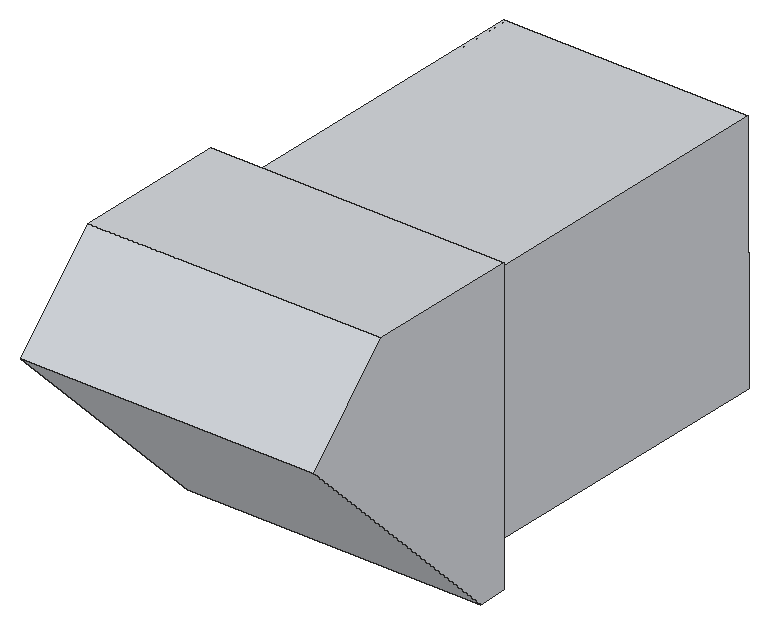
Revit family "XMP", category Mechanical Equipment, Revit 2019
Family settings
  Round Connector Dimension = Use Diameter
  Part Type = Normal
  Work Plane-Based = No
  Always vertical = Yes
  Cut with Voids When Loaded = No
  Shared = No
  Room Calculation Point = No
Parameters (values of type "20_XMP")
  WO_PAC/2 = WO_PAC / 2  # 1' - 0 5/8"
  WO_PAC = B_PAC + 0' 0 1/4"  # 2' - 1 1/4"
  WH_C = WH_B + 0' 3"  # 2' - 9"
  WH_B/2 = WH_B / 2  # 1' - 3"
  WH_B = 2' - 6"
  WH_A = 2' - 0 3/8"
  WEATHER_HOOD [instance] = yes
  Unit Weight [instance] = ""
  Sones [instance] = ""
  SIZE/2 = SIZE / 2  # 0' - 11 15/16"
  SIZE = D - 0' 0 1/8"  # 1' - 11 7/8"
  Motor RPM [instance] = ""
  Motor Enclosure [instance] = ""
  ModelID [instance] = ""
  MOTOR = D / 8  # 0' - 3"
  LwA [instance] = ""
  Fan RPM [instance] = ""
  D_PAC/2 = D_PAC / 2 - 0' 4"  # 1' - 1 3/16"
  D_PAC = 2' - 10 3/8"
  D/2 = D / 2  # 1' - 0"
  D = 2' - 0"
  E/2 = E / 2  # 0' - 1"
  E = 0' - 2"
  C_PAC/2 = C_PAC / 2  # 0' - 11"
  C_PAC = 1' - 10"
  C/2 = C / 2  # 0' - 2 5/8"
  C = 0' - 5 1/4"
  B_PAC/2 = B_PAC / 2  # 1' - 0 1/2"
  B_PAC = 2' - 1"
  B/4 = B / 4  # 0' - 4 49/64"
  B/2 = B / 2  # 0' - 9 17/32"
  B-2.5" = B - 0' 2 1/2"  # 1' - 4 9/16"
  B = 1' - 7 1/16"
  Accessories [instance] = ""
  A_PAC/2 = A_PAC / 2  # 1' - 1 3/4"
  A_PAC = 2' - 3 1/2"
  A/7 = A / 7  # 0' - 3.45536"
  A/3.5 = A / 3.5  # 0' - 6.91071"
  A/2 = A / 2  # 1' - 0 3/32"
  A = 2' - 0 3/16"
  90 = 90.00°  # constant formula
  9" = 0' - 9"  # constant formula
  45 = 45.00°
  4'6" = 4' - 6"  # constant formula
  3" = 0' - 3"  # constant formula
  Brake Hp [instance] = ""
  4" = 0' - 4"  # constant formula
  2E = E + E  # 0' - 4"
  2' = 2' - 0"
  2" = 0' - 2"  # constant formula
  135 = 135.00°  # constant formula
  1" = 0' - 1"  # constant formula
  0 = 0' - 0"  # constant formula
  Voltage [instance] = 0 V
  URL = "www.lorencook.com"
  Type Comments = "Medium Pressure Wall-Pac Exhaust Fan Steel Propeller Belt Drive"  # constant formula
  Static Pressure [instance] = 0.00 in-wg
  Power [instance] = Voltage * Motor FLA * sqrt(if(Phase = 3, 3, 1))  # 0 VA
  Phase [instance] = 0
  Number of Poles [instance] = 1
  Motor Hp [instance] = "0"
  Motor FLA [instance] = 0 A
  Model = "XMP"  # constant formula
  Manufacturer = "Loren Cook Company"
  CFM [instance] = 0 CFM
  1.5 = 0' - 1 1/2"  # constant formula
  1/2 = 0' - 0 1/2"  # constant formula
  ONE EIGTH = 0' - 0 1/8"  # constant formula
  -WH_B/2 = -WH_B / 2  # -1' - 3"
  -D_PAC/2 = -D_PAC / 2 - 0' 4"  # -1' - 9 3/16"
  -D = -E  # -0' - 2"
  -C/2 = -C / 2  # -0' - 2 5/8"
  -B+1" = -B + 0' 2"  # -1' - 5 1/16"
  -B = -B  # -1' - 7 1/16"
  -((SIZE/2)-.25") = -((SIZE / 2) - 0' 0 1/4")  # -0' - 11 11/16"
  -((A/2)-C-.5") = -((A / 2) - C - 0' 0 1/2")  # -0' - 6 11/32"
  (SIZE/2)-.25" = (SIZE / 2) - 0' 0 1/4"  # 0' - 11 11/16"
  (D_SUP/2)-(C/2)-.125" = (D / 2) - (C / 2) - 0' 0 1/8"  # 0' - 9 1/4"
  (A/2)-C-.5" = (A / 2) - C - 0' 0 1/2"  # 0' - 6 11/32"
  (A/2)-1" = (A / 2) - 0' 0 1/4"  # 0' - 11 27/32"
Types (9): name | WO_PAC/2 | WO_PAC | WH_C | WH_B/2 | WH_B | WH_A | SIZE/2 | SIZE | MOTOR | D_PAC/2 | D_PAC | D/2 | D | E/2 | E | C_PAC/2 | C_PAC | C/2 | C | B_PAC/2 | B_PAC | B/4 | B/2 | B-2.5" | B | A_PAC/2 | A_PAC | A/7 | A/3.5 | A/2 | A | 2E | -WH_B/2 | -D_PAC/2 | -D | -C/2 | -B+1" | -B | -((SIZE/2)-.25") | -((A/2)-C-.5") | (SIZE/2)-.25" | (D_SUP/2)-(C/2)-.125" | (A/2)-C-.5" | (A/2)-1"
  (no name) | 1' - 0 5/8" | 2' - 1 1/4" | 2' - 9" | 1' - 3" | 2' - 6" | 2' - 0 3/8" | 0' - 11 15/16" | 1' - 11 7/8" | 0' - 3" | 1' - 1 3/16" | 2' - 10 3/8" | 1' - 0" | 2' - 0" | 0' - 1" | 0' - 2" | 0' - 11" | 1' - 10" | 0' - 2 5/8" | 0' - 5 1/4" | 1' - 0 1/2" | 2' - 1" | 0' - 4 49/64" | 0' - 9 17/32" | 1' - 4 9/16" | 1' - 7 1/16" | 1' - 1 3/4" | 2' - 3 1/2" | 0' - 3.45536" | 0' - 6.91071" | 1' - 0 3/32" | 2' - 0 3/16" | 0' - 4" | -1' - 3" | -1' - 9 3/16" | -0' - 2" | -0' - 2 5/8" | -1' - 5 1/16" | -1' - 7 1/16" | -0' - 11 11/16" | -0' - 6 11/32" | 0' - 11 11/16" | 0' - 9 1/4" | 0' - 6 11/32" | 0' - 11 27/32"
  24_XMP | 1' - 3 5/8" | 2' - 7 1/4" | 3' - 1" | 1' - 5" | 2' - 10" | 2' - 3 1/8" | 1' - 2 15/16" | 2' - 5 7/8" | 0' - 3 3/4" | 1' - 1 3/16" | 2' - 10 3/8" | 1' - 3" | 2' - 6" | 0' - 1 1/2" | 0' - 3" | 1' - 1 3/4" | 2' - 3 1/2" | 0' - 3 3/8" | 0' - 6 3/4" | 1' - 3 1/2" | 2' - 7" | 0' - 4 49/64" | 0' - 9 17/32" | 1' - 4 9/16" | 1' - 7 1/16" | 1' - 4 3/4" | 2' - 9 1/2" | 0' - 4 5/16" | 0' - 8 5/8" | 1' - 3 3/32" | 2' - 6 3/16" | 0' - 6" | -1' - 5" | -1' - 9 3/16" | -0' - 3" | -0' - 3 3/8" | -1' - 5 1/16" | -1' - 7 1/16" | -1' - 2 11/16" | -0' - 7 27/32" | 1' - 2 11/16" | 0' - 11 1/2" | 0' - 7 27/32" | 1' - 2 27/32"
  30_XMP | 1' - 6 5/8" | 3' - 1 1/4" | 3' - 7" | 1' - 8" | 3' - 4" | 2' - 7 7/16" | 1' - 5 15/16" | 2' - 11 7/8" | 0' - 4 1/2" | 1' - 3" | 3' - 2" | 1' - 6" | 3' - 0" | 0' - 1 1/2" | 0' - 3" | 1' - 4 3/4" | 2' - 9 1/2" | 0' - 3 3/8" | 0' - 6 3/4" | 1' - 6 1/2" | 3' - 1" | 0' - 4 49/64" | 0' - 9 17/32" | 1' - 4 9/16" | 1' - 7 1/16" | 1' - 7 3/4" | 3' - 3 1/2" | 0' - 5.16964" | 0' - 10.33929" | 1' - 6 3/32" | 3' - 0 3/16" | 0' - 6" | -1' - 8" | -1' - 11" | -0' - 3" | -0' - 3 3/8" | -1' - 5 1/16" | -1' - 7 1/16" | -1' - 5 11/16" | -0' - 10 27/32" | 1' - 5 11/16" | 1' - 2 1/2" | 0' - 10 27/32" | 1' - 5 27/32"
  36_XMP | 1' - 9 5/8" | 3' - 7 1/4" | 4' - 1" | 1' - 11" | 3' - 10" | 2' - 11 11/16" | 1' - 8 15/16" | 3' - 5 7/8" | 0' - 5 1/4" | 1' - 3 3/4" | 3' - 3 1/2" | 1' - 9" | 3' - 6" | 0' - 1 1/2" | 0' - 3" | 1' - 7 3/4" | 3' - 3 1/2" | 0' - 3 11/16" | 0' - 7 3/8" | 1' - 9 1/2" | 3' - 7" | 0' - 4 49/64" | 0' - 9 17/32" | 1' - 4 9/16" | 1' - 7 1/16" | 1' - 10 3/4" | 3' - 9 1/2" | 0' - 6.02679" | 1' - 0.05357" | 1' - 9 3/32" | 3' - 6 3/16" | 0' - 6" | -1' - 11" | -1' - 11 3/4" | -0' - 3" | -0' - 3 11/16" | -1' - 5 1/16" | -1' - 7 1/16" | -1' - 8 11/16" | -1' - 1 7/32" | 1' - 8 11/16" | 1' - 5 3/16" | 1' - 1 7/32" | 1' - 8 27/32"
  42_XMP | 2' - 0 21/32" | 4' - 1 5/16" | 4' - 7" | 2' - 2" | 4' - 4" | 3' - 3 15/16" | 1' - 11 15/16" | 3' - 11 7/8" | 0' - 6" | 1' - 4 1/2" | 3' - 5" | 2' - 0" | 4' - 0" | 0' - 1 1/2" | 0' - 3" | 1' - 10 3/4" | 3' - 9 1/2" | 0' - 3 25/32" | 0' - 7 9/16" | 2' - 0 17/32" | 4' - 1 1/16" | 0' - 5 11/64" | 0' - 10 11/32" | 1' - 6 3/16" | 1' - 8 11/16" | 2' - 1 3/4" | 4' - 3 1/2" | 0' - 6.88393" | 1' - 1.76786" | 2' - 0 3/32" | 4' - 0 3/16" | 0' - 6" | -2' - 2" | -2' - 0 1/2" | -0' - 3" | -0' - 3 25/32" | -1' - 6 11/16" | -1' - 8 11/16" | -1' - 11 11/16" | -1' - 4 1/32" | 1' - 11 11/16" | 1' - 8 3/32" | 1' - 4 1/32" | 1' - 11 27/32"
  48_XMP | 2' - 3 21/32" | 4' - 7 5/16" | 5' - 1" | 2' - 5" | 4' - 10" | 3' - 8 3/16" | 2' - 2 15/16" | 4' - 5 7/8" | 0' - 6 3/4" | 1' - 9 1/2" | 4' - 3" | 2' - 3" | 4' - 6" | 0' - 1 1/2" | 0' - 3" | 2' - 1 3/4" | 4' - 3 1/2" | 0' - 3 15/16" | 0' - 7 7/8" | 2' - 3 17/32" | 4' - 7 1/16" | 0' - 6 37/64" | 1' - 1 5/32" | 1' - 11 13/16" | 2' - 2 5/16" | 2' - 4 3/4" | 4' - 9 1/2" | 0' - 7.74107" | 1' - 3.48214" | 2' - 3 3/32" | 4' - 6 3/16" | 0' - 6" | -2' - 5" | -2' - 5 1/2" | -0' - 3" | -0' - 3 15/16" | -2' - 0 5/16" | -2' - 2 5/16" | -2' - 2 11/16" | -1' - 6 23/32" | 2' - 2 11/16" | 1' - 10 15/16" | 1' - 6 23/32" | 2' - 2 27/32"
  54_XMP | 2' - 6 11/16" | 5' - 1 3/8" | 5' - 7" | 2' - 8" | 5' - 4" | 4' - 0 7/16" | 2' - 5 15/16" | 4' - 11 7/8" | 0' - 7 1/2" | 1' - 8" | 4' - 0" | 2' - 6" | 5' - 0" | 0' - 1 1/2" | 0' - 3" | 2' - 4 3/4" | 4' - 9 1/2" | 0' - 3 7/8" | 0' - 7 3/4" | 2' - 6 9/16" | 5' - 1 1/8" | 0' - 6 37/64" | 1' - 1 5/32" | 1' - 11 13/16" | 2' - 2 5/16" | 2' - 7 3/4" | 5' - 3 1/2" | 0' - 8.59821" | 1' - 5.19643" | 2' - 6 3/32" | 5' - 0 3/16" | 0' - 6" | -2' - 8" | -2' - 4" | -0' - 3" | -0' - 3 7/8" | -2' - 0 5/16" | -2' - 2 5/16" | -2' - 5 11/16" | -1' - 9 27/32" | 2' - 5 11/16" | 2' - 2" | 1' - 9 27/32" | 2' - 5 27/32"
  60_XMP | 2' - 9 11/16" | 5' - 7 3/8" | 6' - 1" | 2' - 11" | 5' - 10" | 4' - 4 5/8" | 2' - 8 15/16" | 5' - 5 7/8" | 0' - 8 1/4" | 1' - 8" | 4' - 0" | 2' - 9" | 5' - 6" | 0' - 1 1/2" | 0' - 3" | 2' - 7 3/4" | 5' - 3 1/2" | 0' - 3 15/16" | 0' - 7 7/8" | 2' - 9 9/16" | 5' - 7 1/8" | 0' - 6 37/64" | 1' - 1 5/32" | 1' - 11 13/16" | 2' - 2 5/16" | 2' - 10 3/4" | 5' - 9 1/2" | 0' - 9.45536" | 1' - 6.91071" | 2' - 9 3/32" | 5' - 6 3/16" | 0' - 6" | -2' - 11" | -2' - 4" | -0' - 3" | -0' - 3 15/16" | -2' - 0 5/16" | -2' - 2 5/16" | -2' - 8 11/16" | -2' - 0 23/32" | 2' - 8 11/16" | 2' - 4 15/16" | 2' - 0 23/32" | 2' - 8 27/32"
  20_XMP | 1' - 0 5/8" | 2' - 1 1/4" | 2' - 9" | 1' - 3" | 2' - 6" | 2' - 0 3/8" | 0' - 11 15/16" | 1' - 11 7/8" | 0' - 3" | 1' - 1 3/16" | 2' - 10 3/8" | 1' - 0" | 2' - 0" | 0' - 1" | 0' - 2" | 0' - 11" | 1' - 10" | 0' - 2 5/8" | 0' - 5 1/4" | 1' - 0 1/2" | 2' - 1" | 0' - 4 49/64" | 0' - 9 17/32" | 1' - 4 9/16" | 1' - 7 1/16" | 1' - 1 3/4" | 2' - 3 1/2" | 0' - 3.45536" | 0' - 6.91071" | 1' - 0 3/32" | 2' - 0 3/16" | 0' - 4" | -1' - 3" | -1' - 9 3/16" | -0' - 2" | -0' - 2 5/8" | -1' - 5 1/16" | -1' - 7 1/16" | -0' - 11 11/16" | -0' - 6 11/32" | 0' - 11 11/16" | 0' - 9 1/4" | 0' - 6 11/32" | 0' - 11 27/32"
Reference planes (in)
  plane 1 "Center (Front/Back)": y = 0
  plane 2: z = 0
  plane 3 "Center (Left/Right)": x = 0.40541
Forms (in)
  Revolve 1, solid
    sketch origin (0.40541, 0, 0) x (0, 1, 0) y (0, 0, 1)
      loop
        line (-3.625, 2.625) -> (-3.625, 0) -> (-2.625, 0) -> (-2.625, 2.625) -> (-3.625, 2.625)
      axis (-3.625, 0) -> (-2.625, 0)
    angle from 0 to 360
  Extrusion 2, solid
    sketch origin (0.40541, 0, 0) x (0, 1, 0) y (0, 0, 1)
      loop
        line (0, -2.625) -> (-5.25, 2.625) -> (-5.33839, 2.53661) -> (-0.08839, -2.71339) -> (0, -2.625)
    from 48 to 2.625 <- "C/2"
  Extrusion 3, solid
    sketch origin (0.40541, 0, 0) x (0, 1, 0) y (-1, 0, 0)
      loop
        line (0, -2.625) -> (-5.25, 2.625) -> (-5.33839, 2.53661) -> (-0.08839, -2.71339) -> (0, -2.625)
    from 48 to 2.625 <- "C/2"
  Extrusion 4, solid
    sketch origin (0.40541, 0, 0) x (0, 1, 0) y (0, 0, -1)
      loop
        line (0, -2.625) -> (-5.25, 2.625) -> (-5.33839, 2.53661) -> (-0.08839, -2.71339) -> (0, -2.625)
    from 48 to 2.625 <- "C/2"
  Extrusion 5, solid
    sketch origin (0.40541, 0, 0) x (1, 0, 0) y (0, 1, 0)
      loop
        line (-2.625, 0) -> (-2.71339, -0.08839) -> (2.53661, -5.33839) -> (2.625, -5.25) -> (-2.625, 0)
    from -48 to -2.625 <- "-C/2"
  Extrusion 6, void
    sketch origin (0, 0, 0) x (1, 0, 0) y (0, 0, 1)
      loop
        circle (0.40541, 0) r 9.25
      loop
        circle (0.40541, 0) r 54
    from 0 to 10
  Extrusion 7, solid
    sketch origin (0, 0, 0) x (1, 0, 0) y (0, 0, 1)
      loop
        line (-11.68834, 12.09375) -> (-11.68834, -12.09375) -> (12.49916, -12.09375) -> (12.49916, 12.09375) -> (-11.68834, 12.09375)
      loop
        circle (0.40541, 0) r 12
    from 0 to -0.125
  Extrusion 8, solid
    sketch origin (0, 0, 0) x (1, 0, 0) y (0, 0, 1)
      loop
        line (-11.68834, 12.09375) -> (-11.68834, -12.09375) -> (12.49916, -12.09375) -> (12.49916, 12.09375) -> (-11.68834, 12.09375)
      loop
        line (12.37416, -11.96875) -> (12.37416, 11.96875) -> (-11.56334, 11.96875) -> (-11.56334, -11.96875) -> (12.37416, -11.96875)
    from 0 to -2 <- "-D"
  Extrusion 9, solid
    sketch origin (0, 0, 0) x (1, 0, 0) y (0, 0, 1)
      loop
        circle (0.40541, 0) r 1
    from 2 to -19.0625 <- "-B"
  Revolve 10, solid
    sketch origin (0.40541, 0, 0) x (0, 1, 0) y (0, 0, 1)
      loop
        arc (-0.125, 12) -> (-2.75, 9.375) -> (-5.375, 12) r 2.625
        line (-5.375, 12) -> (-5.5, 12)
        arc (-5.5, 12) -> (-2.75, 9.25) -> (0, 12) r 2.75
        line (0, 12) -> (-0.125, 12)
      axis (-5.5, 0) -> (0, 0)
    angle from 0 to 360
  Extrusion 11, solid
    sketch origin (0, 0.125, 0) x (-1, 0, 0) y (0, 0, 1)
      loop
        line (-12.24916, -6.1869) -> (5.78148, 11.84375) -> (4.36727, 11.84375) -> (-12.24916, -4.77268) -> (-12.24916, -6.1869)
    from 0 to 4 <- "2E"
  Extrusion 12, solid
    sketch origin (0, 0.125, 0) x (-1, 0, 0) y (0, 0, 1)
      loop
        line (-5.35516, 0.70711) -> (7.1957, -11.84375) -> (8.60991, -11.84375) -> (-4.64805, 1.41421) -> (-5.35516, 0.70711)
    from 0 to 16.5625 <- "B-2.5""
  Extrusion 13, solid
    sketch origin (0, 0.125, 0) x (-1, 0, 0) y (0, 0, 1)
      loop
        circle (5.56334, -4.55454) r 3
    from 0 to 16.5625 <- "B-2.5""
  Extrusion 14, solid
    sketch origin (0, 16.6875, 0) x (-1, 0, 0) y (0, 0, 1)
      loop
        circle (5.56334, -4.55454) r 0.5
    from 0 to 2.5
  Extrusion 15, solid
    sketch origin (0, 16.6875, 0) x (-1, 0, 0) y (0, 0, 1)
      loop
        circle (-0.40541, 0) r 1
      loop
        line (-3.94095, 0.70711) -> (0.30169, -3.53553) -> (1.0088, -2.82843) -> (0.11223, -1.93185)
        arc (0.11223, -1.93185) -> (1.0088, 1.41421) -> (-2.33726, 0.51764) r 2
        line (-2.33726, 0.51764) -> (-3.23384, 1.41421) -> (-3.94095, 0.70711)
    from -2.5 to -1
  Extrusion 16, solid
    sketch origin (0, 0.125, 0) x (1, 0, 0) y (0, 0, 1)
      loop
        circle (0.40541, 0) r 1
      loop
        arc (2.33726, 0.51764) -> (-1.0088, 1.41421) -> (-0.11223, -1.93185) r 2
        line (-0.11223, -1.93185) -> (-1.0088, -2.82843) -> (-0.30169, -3.53553) -> (3.94095, 0.70711) -> (3.23384, 1.41421) -> (2.33726, 0.51764)
    from -2.5 to -1
  Extrusion 17, void
    sketch origin (4.64805, 0.125, 1.41421) x (0.707107, 0, 0.707107) y (0, -1, 0)
      loop
        line (-18.74959, -16.5625) -> (-15.74959, -16.5625) -> (-18.74959, -13.5625) -> (-18.74959, -16.5625)
    from 0 to 12
  Extrusion 18, solid
    sketch origin (0, 0, 0) x (1, 0, 0) y (0, 0, 1)
      loop
        line (-12.09459, 12.5) -> (-12.09459, -12.5) -> (12.90541, -12.5) -> (12.90541, 12.5) -> (-12.09459, 12.5)
      loop
        line (12.78041, -12.375) -> (12.78041, 12.375) -> (-11.96959, 12.375) -> (-11.96959, -12.375) -> (12.78041, -12.375)
    from -21.1875 <- "-D_PAC/2" to 13.1875 <- "D_PAC/2"
  Extrusion 19, solid
    sketch origin (0, -13.1875, 0) x (1, 0, 0) y (0, 0, 1)
      loop
        line (-10.59459, 11) -> (-10.59459, -11) -> (11.40541, -11) -> (11.40541, 11) -> (-10.59459, 11)
      loop
        line (14.15541, -13.75) -> (14.15541, 13.75) -> (-13.34459, 13.75) -> (-13.34459, -13.75) -> (14.15541, -13.75)
    from 0 to 0.125
  Extrusion 20, solid
    sketch origin (0, -13.3125, 0) x (1, 0, 0) y (0, 0, 1)
      loop
        line (9.90541, 9.5) -> (-9.09459, 9.5) -> (-9.09459, -9.5) -> (9.90541, -9.5) -> (9.90541, 9.5)
      loop
        line (-10.59459, -11) -> (11.40541, -11) -> (11.40541, 11) -> (-10.59459, 11) -> (-10.59459, -11)
    from 0 to 2
  Extrusion 21, solid, visible <- "WEATHER_HOOD"
    sketch origin (0.40541, 0, 0) x (0, 1, 0) y (0, 0, 1)
      loop
        line (-13.1875, 15) -> (-28.9375, 15) -> (-37.5625, 6.375) -> (-16.1875, -15) -> (-13.1875, -15) -> (-13.1875, 15)
    from 15 <- "WH_B/2" to -15 <- "-WH_B/2"
Cuts and joins
  Extrusion 6 cuts Revolve 1
  Extrusion 6 cuts Extrusion 2
  Extrusion 6 cuts Extrusion 3
  Extrusion 6 cuts Extrusion 4
  Extrusion 6 cuts Extrusion 5
  Extrusion 17 cuts Extrusion 12
Dimensions and locks (in)
  "0": Revolve 1 sketch curve to level  (x2)
  "C/2": Revolve 1 sketch curve to level
  "C/2": plane 1 "Center (Front/Back)" to Revolve 1 sketch curve
  "1"": Revolve 1 sketch curve to Revolve 1 sketch curve
  "0": Extrusion 2 sketch curve to plane 1 "Center (Front/Back)"
  "C": plane 1 "Center (Front/Back)" to Extrusion 2 sketch curve
  "C/2": Extrusion 2 sketch curve to level
  "C/2": level to Extrusion 2 sketch curve
  "ONE EIGTH": Extrusion 2 sketch curve to Extrusion 2 sketch curve
  "ONE EIGTH": Extrusion 3 sketch curve to Extrusion 3 sketch curve
  "ONE EIGTH": Extrusion 4 sketch curve to Extrusion 4 sketch curve
  "ONE EIGTH": Extrusion 5 sketch curve to Extrusion 5 sketch curve
  Extrusion 6 sketch curve to plane 3 "Center (Left/Right)" = 0' - 0"  (x2)
  level to Extrusion 6 sketch curve = 0' - 0"
  Extrusion 6 sketch curve to level = 0' - 0"
  "0": Extrusion 3 sketch curve to plane 1 "Center (Front/Back)"
  "C": Extrusion 3 sketch curve to plane 1 "Center (Front/Back)"
  "C/2": plane 3 "Center (Left/Right)" to Extrusion 3 sketch curve
  "C/2": Extrusion 3 sketch curve to plane 3 "Center (Left/Right)"
  "C": plane 1 "Center (Front/Back)" to Extrusion 4 sketch curve
  "0": Extrusion 4 sketch curve to plane 1 "Center (Front/Back)"
  "C/2": level to Extrusion 4 sketch curve
  "C/2": Extrusion 4 sketch curve to level
  "0": Extrusion 5 sketch curve to plane 1 "Center (Front/Back)"
  "C": Extrusion 5 sketch curve to plane 1 "Center (Front/Back)"
  "C/2": plane 3 "Center (Left/Right)" to Extrusion 5 sketch curve
  "C/2": Extrusion 5 sketch curve to plane 3 "Center (Left/Right)"
  "A/2": plane 3 "Center (Left/Right)" to Extrusion 7 sketch curve
  "A/2": Extrusion 7 sketch curve to plane 3 "Center (Left/Right)"
  "A/2": Extrusion 7 sketch curve to level
  "A/2": level to Extrusion 7 sketch curve
  "0": Extrusion 7 sketch curve to level
  "0": Extrusion 7 sketch curve to plane 3 "Center (Left/Right)"
  "ONE EIGTH": Extrusion 8 sketch curve to Extrusion 8 sketch curve  (x4)
  "A/2": plane 3 "Center (Left/Right)" to Extrusion 8 sketch curve  (x2)
  "A/2": level to Extrusion 8 sketch curve
  "A/2": Extrusion 8 sketch curve to level
  "0": Extrusion 9 sketch curve to level
  "0": Extrusion 9 sketch curve to plane 3 "Center (Left/Right)"
  "0": Revolve 10 sketch curve to level
  "D/2": Revolve 10 sketch curve to level  (x2)
  "C": Revolve 10 sketch curve to Revolve 10 sketch curve
  "ONE EIGTH": plane 1 "Center (Front/Back)" to Revolve 10 sketch curve
  "ONE EIGTH": Revolve 10 sketch curve to Revolve 10 sketch curve  (x2)
  "0": Revolve 10 sketch curve to Revolve 10 sketch curve
  "3"": Extrusion 9 to Extrusion 11 sketch curve
  "1"": Extrusion 11 sketch curve to Extrusion 11 sketch curve
  "ONE EIGTH": Extrusion 11 sketch curve to Extrusion 8
  "ONE EIGTH": Extrusion 8 to Extrusion 11 sketch curve
  "ONE EIGTH": Extrusion 8 to Extrusion 12 sketch curve
  "0": Extrusion 12 sketch curve to Extrusion 11
  "1"": Extrusion 12 sketch curve to Extrusion 12 sketch curve
  "1"": Extrusion 12 sketch curve to Extrusion 9
  "0": Extrusion 13 sketch curve to Extrusion 12
  "3"": Extrusion 13 sketch curve to Extrusion 8
  "MOTOR": Extrusion 14 sketch curve to Extrusion 12
  "MOTOR": Extrusion 14 sketch curve to Extrusion 13
  "0": Extrusion 15 sketch curve to plane 3 "Center (Left/Right)"
  "0": Extrusion 15 sketch curve to level
  "0": Extrusion 12 to Extrusion 15 sketch curve
  "1"": Extrusion 15 sketch curve to Extrusion 15 sketch curve  (x2)
  "3"": plane 3 "Center (Left/Right)" to Extrusion 15 sketch curve  (x2)
  "0": Extrusion 16 sketch curve to plane 3 "Center (Left/Right)"  (x2)
  "0": Extrusion 16 sketch curve to level  (x2)
  "3"": plane 3 "Center (Left/Right)" to Extrusion 16 sketch curve  (x2)
  "0": Extrusion 16 sketch curve to Extrusion 12
  "1"": Extrusion 16 sketch curve to Extrusion 16 sketch curve  (x2)
  "0": plane 3 "Center (Left/Right)" to Extrusion 15 sketch curve
  "0": level to Extrusion 15 sketch curve
  "0": Extrusion 17 sketch curve to Extrusion 12  (x2)
  "MOTOR": Extrusion 17 sketch curve to Extrusion 17 sketch curve  (x2)
  "ONE EIGTH": Extrusion 18 sketch curve to Extrusion 18 sketch curve  (x4)
  "B_PAC/2": plane 3 "Center (Left/Right)" to Extrusion 18 sketch curve  (x2)
  "B_PAC/2": level to Extrusion 18 sketch curve
  "B_PAC/2": Extrusion 18 sketch curve to level
  "A_PAC/2": plane 3 "Center (Left/Right)" to Extrusion 19 sketch curve  (x2)
  "C_PAC/2": Extrusion 19 sketch curve to level
  "A_PAC/2": Extrusion 19 sketch curve to level
  "A_PAC/2": level to Extrusion 19 sketch curve
  "C_PAC/2": level to Extrusion 19 sketch curve
  "C_PAC/2": plane 3 "Center (Left/Right)" to Extrusion 19 sketch curve  (x2)
  "1.5": Extrusion 20 sketch curve to Extrusion 20 sketch curve  (x4)
  "C_PAC/2": Extrusion 20 sketch curve to level
  "C_PAC/2": level to Extrusion 20 sketch curve
  "C_PAC/2": plane 3 "Center (Left/Right)" to Extrusion 20 sketch curve  (x2)
  "0": Extrusion 19 to Extrusion 21 sketch curve
  "WH_B/2": Extrusion 21 sketch curve to level
  "WH_B/2": level to Extrusion 21 sketch curve
  "3"": Extrusion 21 sketch curve to Extrusion 21 sketch curve
  "WH_A": Extrusion 21 sketch curve to Extrusion 21 sketch curve
  "(D_SUP/2)-(C/2)-.125"": radius of Extrusion 6 sketch curve
  "D/2": radius of Extrusion 7 sketch curve
  "1"": radius of Extrusion 9 sketch curve
  "4'6"": radius of Extrusion 6 sketch curve
  "MOTOR": radius of Extrusion 13 sketch curve
  "1/2": radius of Extrusion 14 sketch curve
  "1"": radius of Extrusion 15 sketch curve
  "2"": radius of Extrusion 16 sketch curve
  "1"": radius of Extrusion 16 sketch curve
  "2"": radius of Extrusion 15 sketch curve
  "45": angle Extrusion 11 sketch curve to plane 3 "Center (Left/Right)"
  "45": angle Extrusion 12 sketch curve to Extrusion 8
  "135": angle Extrusion 21 sketch curve to Extrusion 21 sketch curve
  "90": angle Extrusion 21 sketch curve to Extrusion 21 sketch curve
Automatic sketch dimensions
  Revolve 1 sketch curve to plane 1 "Center (Front/Back)" = 0' - 0"
  Revolve 1 sketch curve to Revolve 1 sketch curve = 2' - 2"
  plane 1 "Center (Front/Back)" to Revolve 10 sketch curve = 0' - 3 1/4"
  Revolve 10 sketch curve to Revolve 10 sketch curve = 0' - 1.44822"
Connectors (in)
  hvac at (0.40541, -15.3125, 0), driven by "CFM", driven by "C_PAC", driven by "C_PAC"
    settings: on Extrusion 20, index 1, duct flow 0 CFM, flow factor 0, pres drop 0.00 in-wg, loss coef 0, conn angle 0.00°, conn width 22", conn height 22", conn diameter 24", duct sys type 3, conn prof type 1, flow config 0, flow direction 2, loss method 0, conn ref index -1, conn util no, is conn primary yes, conn desc ""
  hvac at (0.40541, 21.1875, 0), driven by "WO_PAC", driven by "WO_PAC", driven by "CFM"
    settings: on Extrusion 18, index 2, duct flow 0 CFM, flow factor 0, pres drop 0.00 in-wg, loss coef 0, conn angle 0.00°, conn width 25 1/4", conn height 25 1/4", conn diameter 24", duct sys type 3, conn prof type 1, flow config 0, flow direction 1, loss method 0, conn ref index -1, conn util no, is conn primary no, conn desc ""
  electrical at (-5.56334, 0.125, -4.55454)
    settings: on Extrusion 13, index 3, voltage 0 V, apparent load 0 VA, apparent load phase1 0 VA, apparent load phase2 0 VA, apparent load phase3 0 VA, power factor 1, load classification "Other", number of poles 1, system type 30, power factor state 1, is connector primary yes, connector utility no, sub classification motor no, connector description ""
